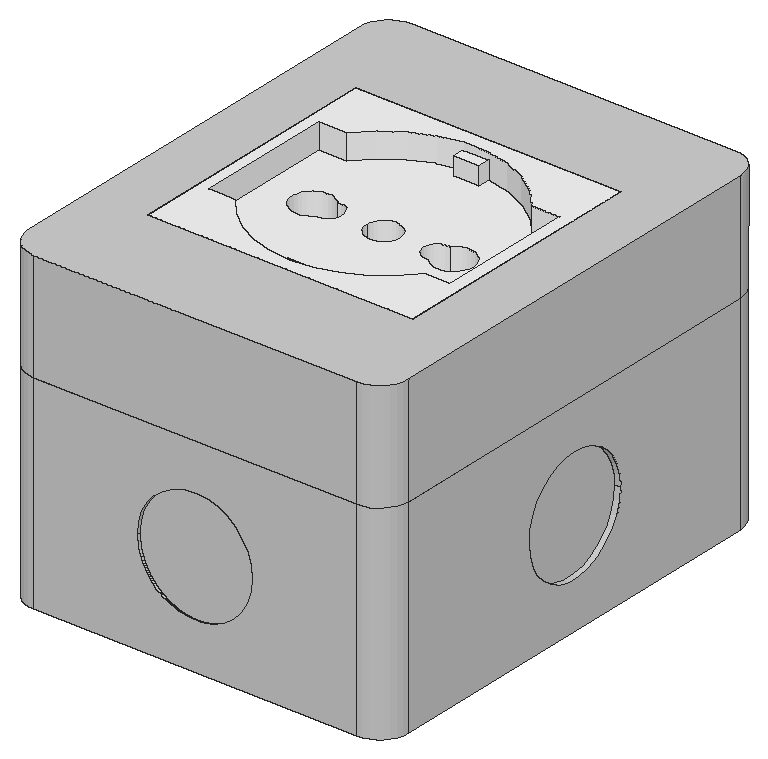
Revit family "Domotics-SerieCivili-GEWISS-27COMBI_SYSTEM-IP40_PRESA_ITA_GER", category Apparecchi elettrici, host Superficie, Revit 2016
Family settings
  Host = Superficie
  Mantenere orientamento annotazione = Sì
  Tipo di parte = Normale
  Quota connettore circolare = Usa diametro
  Numero OmniClass = 23.80.50.14
  Titolo OmniClass = Plug Connectors
  Taglio con vuoti quando caricato = Sì
  Condiviso = Sì
  Punto di calcolo locali = No
Parameters (values of type "GW27812 - Con presa std italiano-tedesco")
  Viti coperchio = "Acciaio resistente alla corrosione"
  Vista di pianta [instance] = yes
  Versione file RFA = "19.4"
  URL = "https://www.gewiss.com/it/it"
  Tipo sfondabili = "Asportabili con utensile"
  Termopressione con biglia = "70 °C"
  Tensione: = "250 V ac"
  Tensione = "230 V ac"
  Temperatura di installazione = "-25 +60 °C"
  Simbolo = SIMBOLO PRESE : PRESA
  Scheda Tecnica = "https://www.gewiss.com/it/it/search?q=GW27812"
  SIMBOLO [instance] = yes
  SEO = "Contenitore"
  SCATOLA = GEWISS GRIGIO
  Produttore = "GEWISS S.p.A."
  Offset contenitore [instance] = 0 mm
  Offset bidimensionale [instance] = Offset contenitore + 55 mm  # 55 mm
  Norma di riferimento: = "IEC 60884-1"
  N. fori Ã˜ 23 sfondabili: = "Laterali 3 / Sul fondo 1"
  N. fori Ã˜ 23 con passacavo = "1"
  Modello = "GW27812"
  Larghezza scatola = 66 mm
  Larghezza foro = 23 mm
  IFC.TypeObject = ""
  IFC.ExportType = ""
  IFC.ExportAs = ""
  IDT = "02c93d32-6b55-41be-8c82-e1a355b4a134"
  IDF = "b8496a88-3aba-4f4e-bde3-e91454acf831"
  Grado di protezione = "IP40"
  Glow Wire Test = "650°C"
  GW - Testo elettrico = "10/16"
  Distanza orizzontale simbolo [instance] = 231.658 mm
  Distanza dal muro [instance] = 0 mm
  Default Elevation = 1219.2 mm
  Immagine tipo = GW27812.jpg
  Dimensioni BxHxP (mm) = "66x82x55"
  Dim. esterne BxHxP (mm) = "66x82x55"
  Descrizione: = "Presa 2P+T - 16 A bivalente"
  Descrizione = "PRESA STD ITA./TED.2P+T 16A BIV.PROTETTA"
  Creato da GEWISS S.p.A. = ""
  Cornice simbolo [instance] = yes
  Coppia serraggio viti = "0,8NM"
  Colore = "Grigio RAL 7035"
  Codice Electrocod = "0131"
  Codice EAN = "8011564095403"
  Classe isolamento = "II"
  Catalogo Serie = "27COMBI"
  Catalogo = "DOMOTICS"
  Caratteristiche = "Standard Italiano/Tedesco"
  COBie.Tagnumber = ""
  COBie.CreatedOn = ""
  COBie.CreatebBy = ""
  COBie.ComponentRegisterItemID = ""
  COBie.Component.TagNumber = ""
  COBie.Component.Space = ""
  COBie.Component.SerialNumber = ""
  COBie.Component.InstallationDate = ""
  COBie.Component.Description = ""
  COBie.Component.BarCode = ""
Reference planes
  plane 1 "Centro (Fronte/Retro)": y = 0
  plane 2: z = 0
  plane 3 "Centro (Sinistra/Destra)": x = 0
  plane 4 "1": z = 0
  plane 5 "piano bidimensionale": z = 55
  plane 6: x = -231.658
  plane 7: x = -11.5
  plane 8: x = 11.5
  plane 9: x = -33
  plane 10: x = 33
Forms (mm)
  Extrusion 1, solid, material "GEWISS GRIGIO" <- "SCATOLA", detail levels coarse
    sketch origin (0, 0, 0) x (0, -1, 0) y (1, 0, 0)
      loop
        line (-41, 28) -> (-41, -28)
        arc (-41, -28) -> (-39.536, -31.536) -> (-36, -33) r 5
        line (-36, -33) -> (36, -33)
        arc (36, -33) -> (39.536, -31.536) -> (41, -28) r 5
        line (41, -28) -> (41, 28)
        arc (41, 28) -> (39.536, 31.536) -> (36, 33) r 5
        line (36, 33) -> (-36, 33)
        arc (-36, 33) -> (-39.536, 31.536) -> (-41, 28) r 5
    from 0 to 55
Lines and regions (mm)
  Masking region 1, visible <- "Vista di pianta"
    outline origin (0, 0, 0) x (1, 0, 0) y (0, 0, 1)
      loop
        line (33, 55) -> (-33, 55) -> (-33, 0) -> (33, 0) -> (33, 55)
  Masking region 2
    outline origin (0, 0, 0) x (1, 0, 0) y (0, 0, 1)
      loop
        line (-33, 0) -> (33, 0) -> (33, 55) -> (-33, 55) -> (-33, 0)
  Masking region 3
    outline origin (0, 0, 0) x (0, 1, 0) y (0, 0, 1)
      loop
        line (-41, 0) -> (41, 0) -> (41, 55) -> (-41, 55) -> (-41, 0)
  Masking region 4
    outline origin (0, 0, 55) x (0, -1, 0) y (1, 0, 0)
      loop
        line (-11.913, -20.961) -> (11.913, -20.961) -> (11.913, -16.493)
        arc (11.913, -16.493) -> (20.345, 0) -> (11.913, 16.493) r 20.345
        line (11.913, 16.493) -> (11.913, 20.961) -> (-11.913, 20.961) -> (-11.913, 16.013)
        arc (-11.913, 16.013) -> (-19.959, 0) -> (-11.913, -16.013) r 19.959
        line (-11.913, -16.013) -> (-11.913, -20.961)
      loop
        arc (2.712, -9.662) -> (0.143, -7.04) -> (-2.27, -9.805) r 2.5
        arc (-2.27, -9.805) -> (0.395, -15.774) -> (2.712, -9.662) r 3.536
      loop
        circle (0.137, 0.006) r 2.942
      loop
        arc (2.712, 9.662) -> (0.395, 15.774) -> (-2.27, 9.805) r 3.536
        arc (-2.27, 9.805) -> (0.143, 7.04) -> (2.712, 9.662) r 2.5
  Masking region 5, detail levels medium+fine
    outline origin (0, 0, 0) x (1, 0, 0) y (0, 0, 1)
      loop
        circle (0, 17.851) r 11.5
  Masking region 6, detail levels medium+fine
    outline origin (0, 0, 0) x (0, 1, 0) y (0, 0, 1)
      loop
        circle (0, 18.3) r 11.5
  Masking region 7
    outline origin (0, 0, 55) x (0, -1, 0) y (1, 0, 0)
      loop
        line (-22.5, -23) -> (22.5, -23) -> (22.5, 23) -> (-22.5, 23) -> (-22.5, -23)
      loop
        line (-11.913, -16.013) -> (-11.913, -20.961) -> (11.913, -20.961) -> (11.913, -16.493)
        arc (11.913, -16.493) -> (20.345, 0) -> (11.913, 16.493) r 20.345
        line (11.913, 16.493) -> (11.913, 20.961) -> (-11.913, 20.961) -> (-11.913, 16.013)
        arc (-11.913, 16.013) -> (-19.959, 0) -> (-11.913, -16.013) r 19.959
  model lines, detail levels coarse
    curve 1: line (-23, 22.5, 55) -> (23, 22.5, 55)
    curve 2: line (-23, -22.5, 55) -> (-23, 22.5, 55)
    curve 3: line (23, -22.5, 55) -> (-23, -22.5, 55)
    curve 4: line (23, 22.5, 55) -> (23, -22.5, 55)
    curve 5: arc (-16.013, 11.913, 55) -> (0, 19.959, 55) -> (16.013, 11.913, 55) r 19.959
    curve 6: line (16.013, 11.913, 55) -> (20.961, 11.913, 55)
    curve 7: line (20.961, 11.913, 55) -> (20.961, -11.913, 55)
    curve 8: line (20.961, -11.913, 55) -> (16.493, -11.913, 55)
    curve 9: arc (16.493, -11.913, 55) -> (0, -20.345, 55) -> (-16.493, -11.913, 55) r 20.345
    curve 10: line (-16.493, -11.913, 55) -> (-20.961, -11.913, 55)
    curve 11: line (-20.961, -11.913, 55) -> (-20.961, 11.913, 55)
    curve 12: line (-20.961, 11.913, 55) -> (-16.013, 11.913, 55)
    curve 13: arc (-9.662, -2.712, 55) -> (-15.774, -0.395, 55) -> (-9.805, 2.27, 55) r 3.536
    curve 14: arc (-9.805, 2.27, 55) -> (-7.04, -0.143, 55) -> (-9.662, -2.712, 55) r 2.5
    curve 15: arc (-2.935, -0.137, 55) -> (0.006, 2.805, 55) -> (2.948, -0.137, 55) r 2.942
    curve 16: arc (2.948, -0.137, 55) -> (0.006, -3.079, 55) -> (-2.935, -0.137, 55) r 2.942
    curve 17: arc (9.805, 2.27, 55) -> (15.774, -0.395, 55) -> (9.662, -2.712, 55) r 3.536
    curve 18: arc (9.662, -2.712, 55) -> (7.04, -0.143, 55) -> (9.805, 2.27, 55) r 2.5
    curve 19: line (2.211, 17.826, 55) -> (2.211, 19.836, 55)
    curve 20: arc (2.211, 19.836, 55) -> (0, 19.959, 55) -> (-2.211, 19.836, 55) r 19.959
    curve 21: line (-2.211, 19.836, 55) -> (-2.211, 17.826, 55)
    curve 22: line (-2.211, 17.826, 55) -> (2.211, 17.826, 55)
    curve 23: line (2.211, -18.215, 55) -> (-2.211, -18.215, 55)
    curve 24: line (-2.211, -18.215, 55) -> (-2.211, -20.225, 55)
    curve 25: arc (-2.211, -20.225, 55) -> (0, -20.345, 55) -> (2.211, -20.225, 55) r 20.345
    curve 26: line (2.211, -20.225, 55) -> (2.211, -18.215, 55)
  model lines, not visible, detail levels coarse
    curve 27: line (-23, 22.5, 55) -> (23, 22.5, 55)
    curve 28: line (-23, -22.5, 55) -> (-23, 22.5, 55)
    curve 29: line (23, -22.5, 55) -> (-23, -22.5, 55)
    curve 30: line (23, 22.5, 55) -> (23, -22.5, 55)
    curve 31: arc (-16.013, 11.913, 55) -> (0, 19.959, 55) -> (16.013, 11.913, 55) r 19.959
    curve 32: line (16.013, 11.913, 55) -> (20.961, 11.913, 55)
    curve 33: line (20.961, 11.913, 55) -> (20.961, -11.913, 55)
    curve 34: line (20.961, -11.913, 55) -> (16.493, -11.913, 55)
    curve 35: arc (16.493, -11.913, 55) -> (0, -20.345, 55) -> (-16.493, -11.913, 55) r 20.345
    curve 36: line (-16.493, -11.913, 55) -> (-20.961, -11.913, 55)
    curve 37: line (-20.961, -11.913, 55) -> (-20.961, 11.913, 55)
    curve 38: line (-20.961, 11.913, 55) -> (-16.013, 11.913, 55)
    curve 39: arc (-9.662, -2.712, 55) -> (-15.774, -0.395, 55) -> (-9.805, 2.27, 55) r 3.536
    curve 40: arc (-9.805, 2.27, 55) -> (-7.04, -0.143, 55) -> (-9.662, -2.712, 55) r 2.5
    curve 41: arc (-2.935, -0.137, 55) -> (0.006, 2.805, 55) -> (2.948, -0.137, 55) r 2.942
    curve 42: arc (2.948, -0.137, 55) -> (0.006, -3.079, 55) -> (-2.935, -0.137, 55) r 2.942
    curve 43: arc (9.805, 2.27, 55) -> (15.774, -0.395, 55) -> (9.662, -2.712, 55) r 3.536
    curve 44: arc (9.662, -2.712, 55) -> (7.04, -0.143, 55) -> (9.805, 2.27, 55) r 2.5
    curve 45: line (2.211, 17.826, 55) -> (2.211, 19.836, 55)
    curve 46: arc (2.211, 19.836, 55) -> (0, 19.959, 55) -> (-2.211, 19.836, 55) r 19.959
    curve 47: line (-2.211, 19.836, 55) -> (-2.211, 17.826, 55)
    curve 48: line (-2.211, 17.826, 55) -> (2.211, 17.826, 55)
    curve 49: line (2.211, -18.215, 55) -> (-2.211, -18.215, 55)
    curve 50: line (-2.211, -18.215, 55) -> (-2.211, -20.225, 55)
    curve 51: arc (-2.211, -20.225, 55) -> (0, -20.345, 55) -> (2.211, -20.225, 55) r 20.345
    curve 52: line (2.211, -20.225, 55) -> (2.211, -18.215, 55)
Dimensions and locks
  "Offset contenitore": plane 4 "1" to host face
  "Offset bidimensionale": plane 5 "piano bidimensionale" to plane 2
  "Distanza orizzontale simbolo": plane 3 "Centro (Sinistra/Destra)" to plane 6
  "Larghezza foro": plane 7 to plane 8
  equal spacing: plane 7, plane 3 "Centro (Sinistra/Destra)", plane 8
  "Distanza orizzontale simbolo": plane 6 to plane 3 "Centro (Sinistra/Destra)"
  equal spacing: plane 9, plane 3 "Centro (Sinistra/Destra)", plane 10
  "Larghezza scatola": plane 9 to plane 10
  aligned and locked: plane 2 to host face
  aligned and locked: level to host face
  aligned and locked: plane 10 to Masking region 1 sketch curve
  aligned and locked: Masking region 1 sketch curve to plane 9
  aligned and locked: Masking region 2 sketch curve to Masking region 1
  aligned and locked: plane 5 "piano bidimensionale" to Masking region 3 sketch curve
  aligned and locked: plane 3 "Centro (Sinistra/Destra)" to nested 3
  aligned and locked: plane 1 "Centro (Fronte/Retro)" to nested 3
  aligned and locked: nested 4 to plane 5 "piano bidimensionale"
  aligned and locked: Extrusion 1 sketch curve to nested 4  (x4)
  aligned and locked: plane 5 "piano bidimensionale" to Extrusion 1
  aligned and locked: nested 3 to Extrusion 1  (x2)
  aligned and locked: Masking region 7 sketch curve to nested 4  (x4)
  aligned and locked: nested 3 to nested 2
Automatic sketch dimensions
  host sketch curve to host sketch curve = 2438.4 mm  (x2)
  Masking region 4 sketch curve to Masking region 4 sketch curve = 0 mm  (x2)
  plane 1 "Centro (Fronte/Retro)" to Masking region 4 sketch curve = 0 mm
  Masking region 4 sketch curve to plane 3 "Centro (Sinistra/Destra)" = 0 mm
  Masking region 4 sketch curve to plane 1 "Centro (Fronte/Retro)" = 11.913 mm  (x2)
  plane 8 to Masking region 4 sketch curve = 4.993 mm
  plane 1 "Centro (Fronte/Retro)" to Masking region 4 sketch curve = 11.913 mm
  Masking region 4 sketch curve to plane 7 = 4.993 mm
  Masking region 4 sketch curve to plane 7 = 9.461 mm
  Masking region 4 sketch curve to plane 7 = 4.513 mm
  Masking region 4 sketch curve to Masking region 4 sketch curve = 4.947 mm
  plane 1 "Centro (Fronte/Retro)" to Masking region 4 sketch curve = 0.215 mm  (x2)
  plane 1 "Centro (Fronte/Retro)" to Masking region 4 sketch curve = 0.293 mm  (x2)
  Masking region 4 sketch curve to plane 7 = 0.74 mm
  plane 7 to Masking region 4 sketch curve = 1.961 mm
  Masking region 4 sketch curve to plane 1 "Centro (Fronte/Retro)" = 2.27 mm  (x2)
  plane 7 to Masking region 4 sketch curve = 1.838 mm
  plane 3 "Centro (Sinistra/Destra)" to Masking region 4 sketch curve = 0.006 mm
  plane 1 "Centro (Fronte/Retro)" to Masking region 4 sketch curve = 0.137 mm
  Masking region 4 sketch curve to plane 3 "Centro (Sinistra/Destra)" = 2.935 mm
  Masking region 4 sketch curve to plane 8 = 1.961 mm
  plane 8 to Masking region 4 sketch curve = 0.74 mm
  Masking region 4 sketch curve to plane 8 = 1.838 mm
  Masking region 1 sketch curve to plane 4 "1" = 0 mm
  Masking region 1 sketch curve to plane 5 "piano bidimensionale" = 0 mm
  Masking region 2 sketch curve to plane 5 "piano bidimensionale" = 0 mm
  Masking region 2 sketch curve to plane 9 = 0 mm
  Masking region 2 sketch curve to plane 4 "1" = 0 mm
  Masking region 3 sketch curve to plane 4 "1" = 0 mm
  plane 1 "Centro (Fronte/Retro)" to Masking region 3 sketch curve = 41 mm
  Masking region 3 sketch curve to plane 1 "Centro (Fronte/Retro)" = 41 mm
  Extrusion 1 sketch curve to Extrusion 1 sketch curve = 5 mm  (x2)
  Extrusion 1 sketch curve to plane 10 = 5 mm  (x2)
  Masking region 5 sketch curve to plane 3 "Centro (Sinistra/Destra)" = 0 mm
  plane 4 "1" to Masking region 5 sketch curve = 17.851 mm
  Masking region 6 sketch curve to plane 1 "Centro (Fronte/Retro)" = 0 mm
  plane 4 "1" to Masking region 6 sketch curve = 18.3 mm
  Masking region 7 sketch curve to Masking region 7 sketch curve = 0 mm  (x2)
  plane 1 "Centro (Fronte/Retro)" to Masking region 7 sketch curve = 0 mm
  Masking region 7 sketch curve to plane 3 "Centro (Sinistra/Destra)" = 0 mm
  Masking region 7 sketch curve to Masking region 7 sketch curve = 10.587 mm  (x4)
  Masking region 7 sketch curve to plane 7 = 9.461 mm
  Masking region 7 sketch curve to Masking region 7 sketch curve = 4.468 mm
  Masking region 7 sketch curve to plane 7 = 4.513 mm
  Masking region 7 sketch curve to Masking region 7 sketch curve = 4.947 mm
  radius of Masking region 5 sketch curve = 11.5 mm
  radius of Masking region 6 sketch curve = 11.5 mm
Nested families
  nested 1: "SIMBOLO PRESE" at (-231.658, 78.009, 0), TESTO ELETTRICO <- "GW - Testo elettrico", Distanza dal muro <- "Distanza dal muro", BORDO ACCESO <- "Cornice simbolo", type <- "Simbolo", SIMBOLO <- "SIMBOLO", type "PRESA"
    with TESTO ELETTRICO "10/16", SIMBOLO yes, Distanza dal muro 0 mm, BORDO ACCESO yes
  nested 2: "SYSTEM PRESE ITAGER P17-30 16A_BASE" at (0, 0, 18.3), type "GW20246 - PRESA 2P+T 16A BIV.ST.ITALIANO/TED.SY/WT"
  nested 3: "SYSTEM CONTENITORI IP40_BASE" at (0, 0, 0), type "GW27002 - 2 posti"
  nested 4: "bidimensionale system contenitori IP40" at (0, 0, 55), type "2P", detail levels coarse
Connectors
  cabletrayconduit at (33, 0, 18), diameter 23
    settings: on nested 3, index 1, connector width 300 mm, connector height 300 mm, connector angle 0.00°, system type 32, placement type 0, profile type 0, connector reference index -1, is primary connector yes, connector utility param no, connector description ""
  cabletrayconduit at (0, -41, 18), diameter 23
    settings: on nested 3, index 2, connector width 300 mm, connector height 300 mm, connector angle 0.00°, system type 32, placement type 0, profile type 0, connector reference index -1, is primary connector no, connector utility param no, connector description ""
  cabletrayconduit at (0, 40.592, 18), diameter 23
    settings: on nested 3, index 3, connector width 300 mm, connector height 300 mm, connector angle 0.00°, system type 32, placement type 0, profile type 0, connector reference index -1, is primary connector no, connector utility param no, connector description ""
  cabletrayconduit at (-33, 0, 18), diameter 23
    settings: on nested 3, index 4, connector width 300 mm, connector height 300 mm, connector angle 0.00°, system type 32, placement type 0, profile type 0, connector reference index -1, is primary connector no, connector utility param no, connector description ""
Definition of nested family "SYSTEM PRESE ITAGER P17-30 16A_BASE"
  Parameters (values of type "GW20246 - PRESA 2P+T 16A BIV.ST.ITALIANO/TED.SY/WT")
    Struttura = none
    Pulsante = none
    Profondità supporto = 28.04 mm
    Profondità presa = 36.7 mm
    Larghezza presa = 46 mm
    Distanza simbolo = 30 mm
    Bidimensionale = 44.7 mm
    Altezza simbolo = 30 mm
    Altezza presa = 45 mm
  Types (4): name
    GW20246 - PRESA 2P+T 16A BIV.ST.ITALIANO/TED.SY/WT
    GW20296 - PRESA 2P+T 16A BIV.ST.ITALIANO/TED.RED
    GW20282 - PRESA 2P+T 16A BIV.ST.ITALIANO/TED.GREEN
    GW20287 - PRESA 2P+T 16A BIV.ST.ITALIANO/TED.ORANGE
  Reference planes
    plane 1 "Centro (Fronte/Retro)": y = 0
    plane 2: z = 0
    plane 3 "Centro (Sinistra/Destra)": x = 0
    plane 4: x = -23
    plane 5: x = 23
    plane 6: y = 22.5
    plane 7: y = -22.5
    plane 8 "PIANO BIDIMENSIONALE": z = 44.7
    plane 9: z = 28.04
    plane 10: z = 36.7
    plane 11: z = 32.37
  Forms (mm)
    Extrusion 1, solid, material <- "Struttura", detail levels medium+fine
      sketch origin (0, 0, 0) x (0, 1, 0) y (0, 0, 1)
        loop
          line (22.5, 0.5) -> (22.5, 28.04) -> (-22.5, 28.04) -> (-22.5, 0.5)
          arc (-22.5, 0.5) -> (-22.354, 0.146) -> (-22, 0) r 0.5
          line (-22, 0) -> (22, 0)
          arc (22, 0) -> (22.354, 0.146) -> (22.5, 0.5) r 0.5
      from -23 to 23
    Extrusion 2, solid, material <- "Pulsante", detail levels medium+fine
      sketch origin (0, 0, 0) x (0, 1, 0) y (0, 0, 1)
        loop
          line (-22.5, 28.04) -> (22.5, 28.04) -> (22.5, 32.37) -> (-22.5, 32.37) -> (-22.5, 28.04)
      from -23 to 23
    Extrusion 3, void, detail levels medium+fine
      sketch origin (0, 0, 44.7) x (-1, 0, 0) y (0, -1, 0)
        loop
          arc (9.662, 2.712) -> (7.04, 0.143) -> (9.805, -2.27) r 2.5
          arc (9.805, -2.27) -> (15.774, 0.395) -> (9.662, 2.712) r 3.536
        loop
          circle (-0.006, 0.137) r 2.942
        loop
          arc (-9.805, -2.27) -> (-7.04, 0.143) -> (-9.662, 2.712) r 2.5
          arc (-9.662, 2.712) -> (-15.774, 0.395) -> (-9.805, -2.27) r 3.536
      from -16.66 to -12.33
    Extrusion 4, solid, material <- "Pulsante", detail levels medium+fine
      sketch origin (0, 0, 44.7) x (-1, 0, 0) y (0, -1, 0)
        loop
          line (23, -22.5) -> (23, 22.5) -> (-23, 22.5) -> (-23, -22.5) -> (23, -22.5)
        loop
          arc (16.493, 11.913) -> (0, 20.345) -> (-16.493, 11.913) r 20.345
          line (-16.493, 11.913) -> (-20.961, 11.913) -> (-20.961, -11.913) -> (-16.013, -11.913)
          arc (-16.013, -11.913) -> (0, -19.959) -> (16.013, -11.913) r 19.959
          line (16.013, -11.913) -> (20.961, -11.913) -> (20.961, 11.913) -> (16.493, 11.913)
      from -12.33 to -8
    Extrusion 5, solid, material <- "Pulsante", detail levels medium+fine
      sketch origin (0, 0, 44.7) x (-1, 0, 0) y (0, -1, 0)
        loop
          line (-2.211, -17.826) -> (-2.211, -19.836)
          arc (-2.211, -19.836) -> (0, -19.959) -> (2.211, -19.836) r 19.959
          line (2.211, -19.836) -> (2.211, -17.826) -> (-2.211, -17.826)
        loop
          arc (2.211, 20.225) -> (0, 20.345) -> (-2.211, 20.225) r 20.345
          line (-2.211, 20.225) -> (-2.211, 18.215) -> (2.211, 18.215) -> (2.211, 20.225)
      from -12.33 to -9.263
  Cuts and joins
    Extrusion 3 cuts Extrusion 2
    joined: Extrusion 2, Extrusion 4, Extrusion 5
  Lines and regions (mm)
    model lines, not visible, detail levels coarse
      curve 1: line (-23, 22.5, -20.04) -> (23, 22.5, -20.04)
      curve 2: line (-23, -22.5, -20.04) -> (-23, 22.5, -20.04)
      curve 3: line (23, -22.5, -20.04) -> (-23, -22.5, -20.04)
      curve 4: line (23, 22.5, -20.04) -> (23, -22.5, -20.04)
      curve 5: line (20.961, -11.913, -20.04) -> (20.961, 11.913, -20.04)
      curve 6: line (20.961, 11.913, -20.04) -> (16.013, 11.913, -20.04)
      curve 7: arc (16.013, 11.913, -20.04) -> (0, 19.959, -20.04) -> (-16.013, 11.913, -20.04) r 19.959
      curve 8: line (-20.961, 11.913, -20.04) -> (-16.013, 11.913, -20.04)
      curve 9: line (-20.961, -11.913, -20.04) -> (-20.961, 11.913, -20.04)
      curve 10: line (-16.493, -11.913, -20.04) -> (-20.961, -11.913, -20.04)
      curve 11: arc (-16.493, -11.913, -20.04) -> (0, -20.345, -20.04) -> (16.493, -11.913, -20.04) r 20.345
      curve 12: line (16.493, -11.913, -20.04) -> (20.961, -11.913, -20.04)
      curve 13: line (2.211, -20.225, -20.04) -> (2.211, -18.215, -20.04)
      curve 14: line (-2.211, -20.225, -20.04) -> (-2.211, -18.215, -20.04)
      curve 15: line (2.211, -18.215, -20.04) -> (-2.211, -18.215, -20.04)
      curve 16: line (-2.211, 19.836, -20.04) -> (-2.211, 17.826, -20.04)
      curve 17: line (2.211, 19.836, -20.04) -> (2.211, 17.826, -20.04)
      curve 18: line (2.211, 17.826, -20.04) -> (-2.211, 17.826, -20.04)
      curve 19: circle (0.006, -0.137, -20.04) r 2.942 normal (0, 0, 1)
      curve 20: arc (-9.662, -2.712, -20.04) -> (-7.04, -0.143, -20.04) -> (-9.805, 2.27, -20.04) r 2.5
      curve 21: arc (-9.805, 2.27, -20.04) -> (-15.774, -0.395, -20.04) -> (-9.662, -2.712, -20.04) r 3.536
      curve 22: arc (9.805, 2.27, -20.04) -> (7.04, -0.143, -20.04) -> (9.662, -2.712, -20.04) r 2.5
      curve 23: arc (9.662, -2.712, -20.04) -> (15.774, -0.395, -20.04) -> (9.805, 2.27, -20.04) r 3.536
  Dimensions and locks
    equal spacing: plane 4, plane 3 "Centro (Sinistra/Destra)", plane 5
    "Larghezza presa": plane 4 to plane 5
    equal spacing: plane 6, plane 1 "Centro (Fronte/Retro)", plane 7
    "Altezza presa": plane 6 to plane 7
    "Bidimensionale": plane 8 "PIANO BIDIMENSIONALE" to plane 2
    "Profondità presa": plane 10 to plane 2
    equal spacing: plane 10, plane 11, plane 9
    aligned and locked: level to plane 2
    aligned and locked: Extrusion 1 to Extrusion 2  (x2)
    aligned and locked: Extrusion 2 sketch curve to Extrusion 1
    aligned and locked: plane 9 to Extrusion 1
    aligned and locked: Extrusion 3 to Extrusion 1
    aligned and locked: Extrusion 2 to plane 4
    aligned and locked: plane 5 to Extrusion 2
    aligned and locked: Extrusion 4 sketch curve to Extrusion 1
    aligned and locked: plane 11 to Extrusion 3
    aligned and locked: Extrusion 2 to Extrusion 3
    aligned and locked: Extrusion 4 to Extrusion 2
    aligned and locked: plane 10 to Extrusion 4
    aligned and locked: Extrusion 5 to Extrusion 2
  Automatic sketch dimensions
    Extrusion 1 sketch curve to level = 0 mm
    level to Extrusion 1 sketch curve = 0.5 mm
    plane 7 to Extrusion 1 sketch curve = 0 mm
    Extrusion 1 sketch curve to Extrusion 1 sketch curve = 0.5 mm
    Extrusion 1 sketch curve to plane 8 "PIANO BIDIMENSIONALE" = 16.66 mm
    Extrusion 2 sketch curve to plane 6 = 0 mm
    Extrusion 1 sketch curve to plane 6 = 0 mm
    curve 7 to curve 11 = 0 mm  (x4)
    curve 3 to curve 5 = 2.039 mm
    curve 5 to curve 12 = 4.468 mm
    curve 5 to curve 6 = 4.947 mm
    curve 11 to curve 23 = 4.253 mm
    curve 7 to curve 18 = 13.803 mm
    curve 12 to curve 13 = 14.282 mm
    curve 22 to curve 19 = 9.533 mm
    curve 19 to curve 11 = 0.006 mm
    curve 13 to curve 14 = 4.421 mm
    curve 17 to curve 18 = 4.421 mm
    curve 7 to curve 20 = 9.539 mm
    curve 20 to curve 21 = 2.701 mm
    curve 21 to curve 8 = 3.774 mm
    curve 21 to curve 10 = 4.253 mm
    curve 7 to curve 9 = 4.947 mm
    curve 9 to curve 2 = 2.039 mm
    curve 1 to curve 18 = 4.674 mm
    curve 1 to curve 6 = 10.587 mm
    curve 16 to curve 7 = 17.826 mm
    curve 7 to curve 19 = 0.137 mm
    curve 19 to curve 22 = 0.079 mm
    curve 7 to curve 20 = 0.215 mm
    curve 22 to curve 23 = 0.078 mm
    curve 20 to curve 21 = 0.078 mm
    curve 21 to curve 9 = 11.62 mm
    curve 13 to curve 13 = 2.01 mm
    curve 9 to curve 3 = 10.587 mm
    curve 22 to curve 22 = 0.266 mm
    curve 23 to curve 22 = 0.122 mm
    curve 20 to curve 21 = 0.122 mm
    curve 20 to curve 21 = 0.266 mm
    curve 22 to curve 22 = 2.486 mm
    plane 1 "Centro (Fronte/Retro)" to Extrusion 3 sketch curve = 0.215 mm  (x2)
    Extrusion 3 sketch curve to plane 3 "Centro (Sinistra/Destra)" = 9.539 mm
    plane 1 "Centro (Fronte/Retro)" to Extrusion 3 sketch curve = 0.293 mm  (x2)
    Extrusion 3 sketch curve to Extrusion 3 sketch curve = 2.701 mm  (x2)
    Extrusion 3 sketch curve to Extrusion 3 sketch curve = 0.122 mm  (x2)
    Extrusion 3 sketch curve to plane 1 "Centro (Fronte/Retro)" = 2.27 mm  (x2)
    plane 3 "Centro (Sinistra/Destra)" to Extrusion 3 sketch curve = 0.006 mm
    Extrusion 3 sketch curve to Extrusion 3 sketch curve = 9.533 mm
    plane 1 "Centro (Fronte/Retro)" to Extrusion 3 sketch curve = 0.137 mm
    Extrusion 2 sketch curve to plane 7 = 0 mm
    Extrusion 2 sketch curve to plane 8 "PIANO BIDIMENSIONALE" = 12.33 mm
    plane 4 to Extrusion 4 sketch curve = 2.039 mm
    plane 7 to Extrusion 4 sketch curve = 10.587 mm  (x2)
    Extrusion 4 sketch curve to Extrusion 4 sketch curve = 4.468 mm  (x2)
    Extrusion 4 sketch curve to plane 6 = 10.587 mm
    Extrusion 4 sketch curve to Extrusion 4 sketch curve = 4.947 mm
    plane 1 "Centro (Fronte/Retro)" to Extrusion 4 sketch curve = 0 mm
    Extrusion 4 sketch curve to plane 3 "Centro (Sinistra/Destra)" = 0 mm
    Extrusion 4 sketch curve to plane 5 = 6.987 mm
    Extrusion 4 sketch curve to plane 5 = 2.039 mm
    Extrusion 4 sketch curve to Extrusion 4 sketch curve = 0 mm
    Extrusion 5 sketch curve to plane 3 "Centro (Sinistra/Destra)" = 2.211 mm  (x2)
    Extrusion 5 sketch curve to plane 6 = 4.674 mm
    Extrusion 5 sketch curve to Extrusion 5 sketch curve = 2.01 mm  (x4)
    plane 1 "Centro (Fronte/Retro)" to Extrusion 5 sketch curve = 0 mm
    Extrusion 5 sketch curve to plane 3 "Centro (Sinistra/Destra)" = 0 mm
    plane 7 to Extrusion 5 sketch curve = 4.285 mm
    Extrusion 5 sketch curve to Extrusion 5 sketch curve = 0 mm  (x2)
    Extrusion 4 sketch curve to plane 5 = 0 mm
    Extrusion 4 sketch curve to plane 6 = 0 mm
    Extrusion 4 sketch curve to plane 7 = 0 mm
    radius of curve 19 = 2.942 mm
    radius of Extrusion 3 sketch curve = 2.942 mm
Definition of nested family "SYSTEM CONTENITORI IP40_BASE"
  Parameters (values of type "GW27001 - 1 posto")
    SCATOLA = none
    PRESA = none
    Profondità scatola = 55 mm  # constant formula
    Larghezza scatola = 66 mm
    Larghezza foro = 23 mm
    Bidimensionale = 70 mm
    Altezza scatola = 82 mm
  Types (4, lengths in mm): name | Larghezza scatola | Larghezza foro
    GW27001 - 1 posto | 66 | 23
    GW27002 - 2 posti | 66 | 46
    GW27003 - 3 posti | 99 | 69
    GW27004 - 4 posti | 132 | 92
  Reference planes
    plane 1 "Centro (Fronte/Retro)": y = 0
    plane 2: z = 0
    plane 3 "Centro (Sinistra/Destra)": x = 0
    plane 4: y = -41
    plane 5: y = 41
    plane 6: x = -33
    plane 7: x = 33
    plane 8 "PIANO BIDIMENSIONALE": z = 70
    plane 9: z = 55
    plane 10: x = -11.5
    plane 11: x = 11.5
    plane 12: y = 22.5
    plane 13: y = -22.5
  Forms (mm)
    Extrusion 1, solid, material <- "SCATOLA", detail levels medium+fine
      sketch origin (0, 0, 66) x (0, -1, 0) y (1, 0, 0)
        loop
          arc (-41, -28) -> (-39.536, -31.536) -> (-36, -33) r 5
          line (-36, -33) -> (36, -33)
          arc (36, -33) -> (39.536, -31.536) -> (41, -28) r 5
          line (41, -28) -> (41, 28)
          arc (41, 28) -> (39.536, 31.536) -> (36, 33) r 5
          line (36, 33) -> (-36, 33)
          arc (-36, 33) -> (-39.536, 31.536) -> (-41, 28) r 5
          line (-41, 28) -> (-41, -28)
        loop
          line (39, -28) -> (39, 28)
          arc (39, 28) -> (38.121, 30.121) -> (36, 31) r 3
          line (36, 31) -> (-36, 31)
          arc (-36, 31) -> (-38.121, 30.121) -> (-39, 28) r 3
          line (-39, 28) -> (-39, -28)
          arc (-39, -28) -> (-38.121, -30.121) -> (-36, -31) r 3
          line (-36, -31) -> (36, -31)
          arc (36, -31) -> (38.121, -30.121) -> (39, -28) r 3
      from -66 to -30
    Extrusion 2, solid, material <- "SCATOLA", detail levels medium+fine
      sketch origin (0, 0, 0) x (1, 0, 0) y (0, 0, 1)
        loop
          circle (0, 18) r 16
      from -43 to -41
    Extrusion 3, solid, material <- "SCATOLA", detail levels medium+fine
      sketch origin (0, 41, 0) x (-1, 0, 0) y (0, 0, 1)
        loop
          circle (0, 18) r 13
      from 5 to 3
    Extrusion 4, solid, material <- "SCATOLA", detail levels medium+fine
      sketch origin (0, 41, 0) x (-1, 0, 0) y (0, 0, 1)
        loop
          circle (0, 18) r 10
      from 8 to 6
    Extrusion 5, solid, material <- "SCATOLA", detail levels medium+fine
      sketch origin (0, 41, 0) x (-1, 0, 0) y (0, 0, 1)
        loop
          circle (0, 18) r 3
      from 2 to 6
    Extrusion 6, void, detail levels medium+fine
      sketch origin (0, 0, 0) x (0, 1, 0) y (0, 0, 1)
        loop
          circle (0, 18) r 10
      from 31.916 to 33
    Extrusion 7, void, detail levels medium+fine
      sketch origin (0, 0, 0) x (1, 0, 0) y (0, 0, 1)
        loop
          circle (0, 18) r 10
      from 40.592 to 41
    Extrusion 8, void, detail levels medium+fine
      sketch origin (0, 0, 0) x (0, 1, 0) y (0, 0, -1)
        loop
          circle (0, -18) r 11.5
      from 31.754 to 33
    Extrusion 9, void, detail levels medium+fine
      sketch origin (0, 0, 0) x (1, 0, 0) y (0, 0, -1)
        loop
          circle (0, -18) r 10
      from 40.592 to 41
    Extrusion 10, solid, material <- "SCATOLA", detail levels medium+fine
      sketch origin (0, 0, 70) x (-1, 0, 0) y (0, -1, 0)
        loop
          arc (28, -41) -> (31.536, -39.536) -> (33, -36) r 5
          line (33, -36) -> (33, 36)
          arc (33, 36) -> (31.536, 39.536) -> (28, 41) r 5
          line (28, 41) -> (-28, 41)
          arc (-28, 41) -> (-31.536, 39.536) -> (-33, 36) r 5
          line (-33, 36) -> (-33, -36)
          arc (-33, -36) -> (-31.536, -39.536) -> (-28, -41) r 5
          line (-28, -41) -> (28, -41)
        loop
          line (-11.5, 22.5) -> (-11.5, -22.5) -> (11.5, -22.5) -> (11.5, 22.5) -> (-11.5, 22.5)
      from -34 to -15
    Extrusion 11, solid, material <- "SCATOLA", detail levels medium+fine
      sketch origin (0, 0, 0) x (1, 0, 0) y (0, 1, 0)
        loop
          line (-31, 36) -> (-31, -36)
          arc (-31, -36) -> (-30.121, -38.121) -> (-28, -39) r 3
          line (-28, -39) -> (28, -39)
          arc (28, -39) -> (30.121, -38.121) -> (31, -36) r 3
          line (31, -36) -> (31, 36)
          arc (31, 36) -> (30.121, 38.121) -> (28, 39) r 3
          line (28, 39) -> (-28, 39)
          arc (-28, 39) -> (-30.121, 38.121) -> (-31, 36) r 3
      from 0 to 2
  Cuts and joins
    Extrusion 6, Extrusion 7, Extrusion 8, Extrusion 9 cuts Extrusion 1
  Lines and regions (mm)
    Masking region 1
      outline origin (0, 0, 70) x (-1, 0, 0) y (0, -1, 0)
        loop
          circle (-28, -36) r 2
        loop
          line (11.5, -22.5) -> (11.5, 22.5) -> (-11.5, 22.5) -> (-11.5, -22.5) -> (11.5, -22.5)
        loop
          line (33, -36) -> (33, 36)
          arc (33, 36) -> (31.536, 39.536) -> (28, 41) r 5
          line (28, 41) -> (-28, 41)
          arc (-28, 41) -> (-31.536, 39.536) -> (-33, 36) r 5
          line (-33, 36) -> (-33, -36)
          arc (-33, -36) -> (-31.536, -39.536) -> (-28, -41) r 5
          line (-28, -41) -> (28, -41)
          arc (28, -41) -> (31.536, -39.536) -> (33, -36) r 5
        loop
          circle (28, 36) r 2
    Masking region 2
      outline origin (0, 0, 70) x (-1, 0, 0) y (0, -1, 0)
        loop
          circle (-28, -36) r 2
        loop
          circle (28, 36) r 2
  Dimensions and locks
    equal spacing: plane 4, plane 1 "Centro (Fronte/Retro)", plane 5
    plane 4 to plane 5 = 82 mm
    equal spacing: plane 6, plane 3 "Centro (Sinistra/Destra)", plane 7
    "Larghezza scatola": plane 6 to plane 7
    equal spacing: plane 5, plane 1 "Centro (Fronte/Retro)", plane 4
    "Altezza scatola": plane 5 to plane 4
    "Bidimensionale": plane 8 "PIANO BIDIMENSIONALE" to level
    "Profondità scatola": plane 9 to plane 2
    equal spacing: plane 12, plane 1 "Centro (Fronte/Retro)", plane 13
    "Larghezza foro": plane 10 to plane 11
    equal spacing: plane 10, plane 3 "Centro (Sinistra/Destra)", plane 11
    locked: cut or joined group of Extrusion 1, Extrusion 6, Extrusion 7, Extrusion 8, Extrusion 9 to Extrusion 10 at 1.084
    locked: Extrusion 10 to cut or joined group of Extrusion 1, Extrusion 6, Extrusion 7, Extrusion 8, Extrusion 9 at 1.246
    aligned and locked: level to plane 2
    aligned and locked: Extrusion 5 to Extrusion 2
    aligned and locked: Extrusion 5 to Extrusion 4
    aligned and locked: Extrusion 1 to Extrusion 8
    aligned and locked: Masking region 1 to plane 12
    aligned and locked: plane 10 to Masking region 1
    aligned and locked: Masking region 1 to plane 11
    aligned and locked: plane 13 to Masking region 1
    aligned and locked: Extrusion 10 sketch curve to cut or joined group of Extrusion 1, Extrusion 6, Extrusion 7, Extrusion 8, Extrusion 9  (x4)
    aligned and locked: Extrusion 10 sketch curve to Masking region 1  (x4)
    aligned and locked: Extrusion 10 to cut or joined group of Extrusion 1, Extrusion 6, Extrusion 7, Extrusion 8, Extrusion 9
    aligned and locked: Extrusion 10 to plane 6
    aligned and locked: plane 7 to Extrusion 10
    aligned and locked: Extrusion 11 sketch curve to cut or joined group of Extrusion 1, Extrusion 6, Extrusion 7, Extrusion 8, Extrusion 9  (x4)
    aligned and locked: plane 7 to Extrusion 6
    aligned and locked: cut or joined group of Extrusion 1, Extrusion 6, Extrusion 7, Extrusion 8, Extrusion 9 to plane 2
  Automatic sketch dimensions
    Extrusion 1 sketch curve to plane 5 = 0 mm
    Extrusion 1 sketch curve to plane 6 = 0 mm
    Extrusion 1 sketch curve to plane 7 = 0 mm
    Extrusion 1 sketch curve to plane 4 = 0 mm
    Extrusion 1 sketch curve to Extrusion 1 sketch curve = 5 mm  (x2)
    plane 4 to Extrusion 1 sketch curve = 5 mm  (x2)
    Extrusion 2 sketch curve to plane 3 "Centro (Sinistra/Destra)" = 0 mm
    level to Extrusion 2 sketch curve = 18 mm
    Extrusion 3 sketch curve to plane 3 "Centro (Sinistra/Destra)" = 0 mm
    level to Extrusion 3 sketch curve = 18 mm
    Extrusion 4 sketch curve to plane 3 "Centro (Sinistra/Destra)" = 0 mm
    level to Extrusion 4 sketch curve = 18 mm
    Extrusion 5 sketch curve to plane 3 "Centro (Sinistra/Destra)" = 0 mm
    level to Extrusion 5 sketch curve = 18 mm
    Extrusion 6 sketch curve to plane 1 "Centro (Fronte/Retro)" = 0 mm
    level to Extrusion 6 sketch curve = 18 mm
    Extrusion 7 sketch curve to plane 3 "Centro (Sinistra/Destra)" = 0 mm
    level to Extrusion 7 sketch curve = 18 mm
    Extrusion 8 sketch curve to plane 1 "Centro (Fronte/Retro)" = 0 mm
    level to Extrusion 8 sketch curve = 18 mm
    Extrusion 9 sketch curve to plane 3 "Centro (Sinistra/Destra)" = 0 mm
    level to Extrusion 9 sketch curve = 18 mm
    Masking region 1 sketch curve to Masking region 1 sketch curve = 0 mm  (x4)
    Masking region 1 sketch curve to plane 7 = 0 mm
    Masking region 1 sketch curve to plane 5 = 0 mm
    Masking region 1 sketch curve to plane 4 = 0 mm
    Masking region 1 sketch curve to plane 6 = 0 mm
    Masking region 1 sketch curve to plane 7 = 5 mm
    plane 4 to Masking region 1 sketch curve = 5 mm
    Masking region 1 sketch curve to plane 7 = 21.5 mm
    plane 6 to Masking region 1 sketch curve = 5 mm
    Masking region 1 sketch curve to plane 5 = 5 mm
    Masking region 1 sketch curve to Masking region 1 sketch curve = 13.5 mm  (x2)
    Masking region 1 sketch curve to Masking region 1 sketch curve = 2 mm
    plane 6 to Masking region 1 sketch curve = 21.5 mm
    Extrusion 10 sketch curve to Extrusion 10 sketch curve = 5 mm
    plane 4 to Extrusion 10 sketch curve = 5 mm  (x2)
    Extrusion 10 sketch curve to plane 7 = 5 mm
    Extrusion 1 sketch curve to Extrusion 1 sketch curve = 0 mm  (x7)
    Extrusion 1 sketch curve to Extrusion 1 sketch curve = 2 mm
    Extrusion 11 sketch curve to Extrusion 11 sketch curve = 3 mm  (x2)
    Extrusion 11 sketch curve to plane 7 = 5 mm  (x2)
    Masking region 2 sketch curve to plane 7 = 5 mm
    Masking region 2 sketch curve to plane 5 = 5 mm
    Masking region 2 sketch curve to Masking region 2 sketch curve = 2 mm  (x2)
    Masking region 2 sketch curve to Masking region 2 sketch curve = 0 mm  (x2)
    plane 6 to Masking region 2 sketch curve = 5 mm
    plane 4 to Masking region 2 sketch curve = 5 mm
    radius of Extrusion 2 sketch curve = 16 mm
    radius of Extrusion 3 sketch curve = 13 mm
    radius of Extrusion 4 sketch curve = 10 mm
    radius of Extrusion 5 sketch curve = 3 mm
    radius of Extrusion 6 sketch curve = 10 mm
    radius of Extrusion 7 sketch curve = 10 mm
    radius of Extrusion 8 sketch curve = 11.5 mm
    radius of Extrusion 9 sketch curve = 10 mm
    radius of Masking region 1 sketch curve = 2 mm
Definition of nested family "SIMBOLO PRESE"
  Parameters (values of type "PRESA")
    TESTO ELETTRICO [instance] = "TXT"
    Simbolo = SIMBOLO PRESE_BASE : PRESA
    SIMBOLO [instance] = yes
    Distanza dal muro [instance] = 4.208 mm
    BORDO ACCESO [instance] = yes
  Reference planes
    plane 1: y = 0
    plane 2: x = 0
  Dimensions and locks
    "Distanza dal muro": plane 1 to nested 1
  Nested families
    nested 1: "SIMBOLO PRESE_BASE" at (0, 4.208, 0), type <- "Simbolo", TESTO ELETTRICO <- "TESTO ELETTRICO", BORDO ACCESO <- "BORDO ACCESO", visible <- "SIMBOLO", type "PRESA"
      with TESTO ELETTRICO "TXT", BORDO ACCESO yes
  Definition of nested family "SIMBOLO PRESE_BASE"
    Parameters (values of type "PRESA")
      TESTO ELETTRICO [instance] = "TXT"
      Distanza dal muro = 4.208 mm
      BORDO ACCESO [instance] = yes
    Reference planes
      plane 1: y = 0
      plane 2: x = 0
    Lines and regions (mm)
      detail lines, visible <- "BORDO ACCESO"
        curve 1: line (-1, 2.5, 0) -> (1, 2.5, 0)
        curve 2: line (1, 2.5, 0) -> (1, 0, 0)
        curve 3: line (1, 0, 0) -> (-1, 0, 0)
        curve 4: line (-1, 0, 0) -> (-1, 2.5, 0)
        curve 5: line (-0.9, 2.4, 0) -> (0.9, 2.4, 0)
        curve 6: line (0.9, 2.4, 0) -> (0.9, 0.1, 0)
        curve 7: line (0.9, 0.1, 0) -> (-0.9, 0.1, 0)
        curve 8: line (-0.9, 0.1, 0) -> (-0.9, 2.4, 0)
      detail lines, visible <- "BORDO ACCESO", not visible
        curve 9: line (-1.743, 9.208, 0) -> (2.057, 9.208, 0)
        curve 10: line (2.057, 9.208, 0) -> (2.057, 4.208, 0)
        curve 11: line (2.057, 4.208, 0) -> (-1.743, 4.208, 0)
        curve 12: line (-1.743, 4.208, 0) -> (-1.743, 9.208, 0)
        curve 13: line (-1.543, 9.008, 0) -> (1.857, 9.008, 0)
        curve 14: line (1.857, 9.008, 0) -> (1.857, 4.408, 0)
        curve 15: line (1.857, 4.408, 0) -> (-1.543, 4.408, 0)
        curve 16: line (-1.543, 4.408, 0) -> (-1.543, 9.008, 0)
      detail lines
        curve 17: line (0.783, 1.133, 0) -> (-0.783, 1.133, 0)
        curve 18: line (0, 1.133, 0) -> (0, 0.349, 0)
        curve 19: arc (-0.783, 1.916, 0) -> (0, 1.133, 0) -> (0.783, 1.916, 0) r 0.783
    Text (mm)
      label "TXT" at (0.016, 1.578, 0), shows "TESTO ELETTRICO"
    Dimensions and locks
      aligned and locked: curve 3 to plane 1
Definition of nested family "bidimensionale system contenitori IP40"
  Parameters (values of type "2P")
    Larghezza scatola = 66 mm
    Larghezza foro = 46 mm
    Altezza scatola = 82 mm
  Types (4, lengths in mm): name | Larghezza scatola | Larghezza foro
    1P | 66 | 23
    2P | 66 | 46
    3P | 99 | 69
    4P | 132 | 92
  Reference planes
    plane 1 "Centro (Fronte/Retro)": y = 0
    plane 2: z = 0
    plane 3 "Centro (Sinistra/Destra)": x = 0
    plane 4: x = -33
    plane 5: x = 33
    plane 6: y = 41
    plane 7: y = -41
    plane 8: x = 23
    plane 9: x = -23
    plane 10: y = 22.5
    plane 11: y = -22.5
  Lines and regions (mm)
    model lines
      curve 1: arc (-28, 41, 0) -> (-31.536, 39.536, 0) -> (-33, 36, 0) r 5
      curve 2: line (-33, 36, 0) -> (-33, -36, 0)
      curve 3: arc (-33, -36, 0) -> (-31.536, -39.536, 0) -> (-28, -41, 0) r 5
      curve 4: line (-28, -41, 0) -> (28, -41, 0)
      curve 5: arc (28, -41, 0) -> (31.536, -39.536, 0) -> (33, -36, 0) r 5
      curve 6: line (33, -36, 0) -> (33, 36, 0)
      curve 7: arc (33, 36, 0) -> (31.536, 39.536, 0) -> (28, 41, 0) r 5
      curve 8: line (28, 41, 0) -> (-28, 41, 0)
      curve 9: circle (-28, -36, 0) r 2 normal (0, 0, 1)
      curve 10: line (23, -22.5, 0) -> (-23, -22.5, 0)
      curve 11: line (-23, -22.5, 0) -> (-23, 22.5, 0)
      curve 12: line (-23, 22.5, 0) -> (-23, 23.5, 0)
      curve 13: arc (-23, 23.5, 0) -> (-22.414, 24.914, 0) -> (-21, 25.5, 0) r 2
      curve 14: line (-21, 25.5, 0) -> (21, 25.5, 0)
      curve 15: arc (21, 25.5, 0) -> (22.414, 24.914, 0) -> (23, 23.5, 0) r 2
      curve 16: line (23, 23.5, 0) -> (23, 22.5, 0)
      curve 17: line (23, 22.5, 0) -> (23, -22.5, 0)
      curve 18: line (-23, 22.5, 0) -> (23, 22.5, 0)
      curve 19: circle (28, 36, 0) r 2 normal (0, 0, 1)
  Dimensions and locks
    equal spacing: plane 6, plane 1 "Centro (Fronte/Retro)", plane 7
    equal spacing: plane 4, plane 3 "Centro (Sinistra/Destra)", plane 5
    "Altezza scatola": plane 6 to plane 7
    "Larghezza scatola": plane 4 to plane 5
    equal spacing: plane 9, plane 3 "Centro (Sinistra/Destra)", plane 8
    "Larghezza foro": plane 9 to plane 8
    equal spacing: plane 10, plane 1 "Centro (Fronte/Retro)", plane 11
    plane 10 to plane 11 = 45 mm
    aligned and locked: level to plane 2
    aligned and locked: plane 9 to curve 11
    aligned and locked: curve 17 to plane 8
    aligned and locked: curve 2 to plane 4
    aligned and locked: plane 5 to curve 6
    aligned and locked: plane 6 to curve 8
    aligned and locked: curve 4 to plane 7
    aligned and locked: curve 18 to plane 10
    aligned and locked: plane 11 to curve 10
  Automatic sketch dimensions
    curve 2 to curve 3 = 5 mm
    curve 2 to curve 1 = 5 mm
    curve 4 to plane 5 = 5 mm
    curve 8 to plane 5 = 5 mm
    curve 3 to curve 9 = 0 mm  (x2)
    curve 13 to curve 13 = 2 mm
    curve 15 to curve 16 = 2 mm
    curve 11 to curve 13 = 1 mm
    curve 7 to curve 19 = 0 mm  (x2)
    radius of curve 9 = 2 mm
    radius of curve 19 = 2 mm
